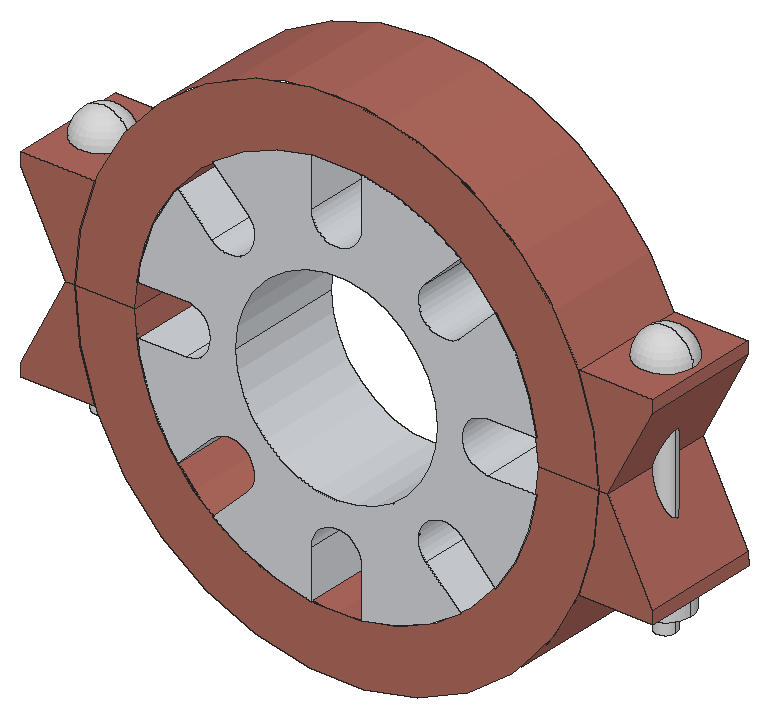
Revit family "Reduced Couplings-Zurn_Wilkins-FP23 (112x114_8x6_inch)", category Pipe Accessories, Revit 2022
Family settings
  Round Connector Dimension = Use Radius
  Part Type = Valve - Breaks Into
  OmniClass Number = 23.65.55.14.11
  OmniClass Title = Inlet/Outlet Valves for Liquid Services
  Work Plane-Based = No
  Always vertical = Yes
  Cut with Voids When Loaded = No
  Shared = No
Parameters (values of type "8X6-FP23 (8" X 6" -FP23)")
  Width = 1' - 0"
  URL = "https://www.zurn.com"
  Type Comments = ""
  SYMBOL = Reduced couplings-Zurn_Wilkins-FP23_Symbol : 8X6
  Repair Parts URL = ""
  Product data URL = "https://www.bimobject.com/en/zurnindustries/product/zurn-fp23"
  Product Weight (lbs) = 15
  Product Page URL = "https://www.zurn.com/products/fire-protection/grooved-couplings-fittings/fp23"
  Product Installation Sheet URL = "https://files.zurn.com/care-cleaning-install-warranty-sheets/isfp23.pdf"
  Product Documentation Link = "https://files.zurn.com/spec-sheets/fp23-couplings.pdf"
  Nominal Radius = Nominal Diameter / 2  # 0' - 4"
  Nominal Diameter = 0' - 8"
  Modified Date = "10/15/25"  # constant formula
  Model = "8X6-FP23"
  Max Working Water Temperature = 0 °F
  Max Working Water Pressure = 300.00 psi
  Manufacturer Brand = "Zurn Wilkins"  # constant formula
  Manufacturer = "Zurn Water, LLC"  # constant formula
  Main Material = Paint - Zurn - Ductile Iron Red
  Length = 2' - 0"
  L = 0' - 0 51/256"
  K = 0' - 0 51/128"
  J = 0' - 0 115/256"
  IN PORTION = Reduced couplings-Zurn_Wilkins-FP23_IN_(114-8_Inch) : 8 X 6
  I = 0' - 1 13/128"
  Hydrostatic Test Pressure = 0.00 psi
  Height = 1' - 0"
  H = 0' - 0 179/256"
  G = 0' - 3 1/2"
  Flow Rate (GPM) = 0 GPM
  F = 0' - 1 51/256"
  E = 0' - 8"
  Description = "REDUCING COUPLINGS"
  Default Elevation = 0' - 0"
  Date Created = "10/15/25"  # constant formula
  D = 0' - 4"
  DIM C = 0' - 2 23/64"
  DIM B = 0' - 10 25/64"
  Assembly Code = "D2020300"
  DIM A = 1' - 0 143/256"
Types (14): name | SYMBOL | Product Weight (lbs) | Nominal Radius | Nominal Diameter | Model | L | K | J | IN PORTION | I | H | G | F | E | D | DIM C | DIM B | DIM A
  (no name) | Reduced couplings-Zurn_Wilkins-FP23_Symbol : 8X6 | 15 | 0' - 4" | 0' - 8" | "8X6-FP23" | 0' - 0 51/256" | 0' - 0 51/128" | 0' - 0 115/256" | Reduced couplings-Zurn_Wilkins-FP23_IN_(114-8_Inch) : 8 X 6 | 0' - 1 13/128" | 0' - 0 179/256" | 0' - 3 1/2" | 0' - 1 51/256" | 0' - 8" | 0' - 4" | 0' - 2 23/64" | 0' - 10 25/64" | 1' - 0 143/256"
  3X212-FP23 (3" X 2 1/2" -FP23) | Reduced couplings-Zurn_Wilkins-FP23_Symbol : 3X21/2 | 3 | 0' - 1 1/2" | 0' - 3" | "3X212-FP23" | 0' - 0 51/256" | 0' - 0.25621" | 0' - 0.26941" | Reduced couplings-Zurn_Wilkins-FP23_IN_(114-8_Inch) : 3 X 2 1/2 | 0' - 0 3/4" | 0' - 0 51/128" | 0' - 1 13/128" | 0' - 0 3/4" | 0' - 3 1/2" | 0' - 1 1/2" | 0' - 1 57/64" | 0' - 4 23/32" | 0' - 6 59/128"
  112X114-FP23 (1 1/2" X 1 1/4" -FP23) | Reduced couplings-Zurn_Wilkins-FP23_Symbol : 11/2X11/4 | 1 | 0' - 0 3/4" | 0' - 1 1/2" | "112X114-FP23" | 0' - 0.13575" | 0' - 0.25621" | 0' - 0 51/256" | Reduced couplings-Zurn_Wilkins-FP23_IN_(114-8_Inch) : 1 1/2 X 1 1/4 | 0' - 0 77/128" | 0' - 0 85/256" | 0' - 0 1/2" | 0' - 0 77/128" | 0' - 2 51/256" | 0' - 0 205/256" | 0' - 1 197/256" | 0' - 2 225/256" | 0' - 4 141/256"
  2X112-FP23 (2" X 1 1/2" -FP23) | Reduced couplings-Zurn_Wilkins-FP23_Symbol : 2X11/2 | 2 | 0' - 1" | 0' - 2" | "2X112-FP23" | 0' - 0.13575" | 0' - 0.25621" | 0' - 0 51/256" | Reduced couplings-Zurn_Wilkins-FP23_IN_(114-8_Inch) : 2 X 1 1/2 | 0' - 0 77/128" | 0' - 0 85/256" | 0' - 0 77/128" | 0' - 0 77/128" | 0' - 2 1/2" | 0' - 1" | 0' - 1 109/128" | 0' - 3 45/128" | 0' - 5 5/64"
  212X112-FP23 (2 1/2" X 1 1/2" -FP23) | Reduced couplings-Zurn_Wilkins-FP23_Symbol : 21/2X1 1/2 | 3 | 0' - 1 1/4" | 0' - 2 1/2" | "212X112-FP23" | 0' - 0.13575" | 0' - 0.25621" | 0' - 0 51/256" | Reduced couplings-Zurn_Wilkins-FP23_IN_(114-8_Inch) : 2 1/2 X 1 1/2 | 0' - 0 77/128" | 0' - 0 85/256" | 0' - 0 115/128" | 0' - 0 77/128" | 0' - 3" | 0' - 1 77/256" | 0' - 1 57/64" | 0' - 3 251/256" | 0' - 5 25/64"
  4X3-FP23 (4" X 3" -FP23) | Reduced couplings-Zurn_Wilkins-FP23_Symbol : 4X3 | 4 | 0' - 2" | 0' - 4" | "4X3-FP23" | 0' - 0 51/256" | 0' - 0.25621" | 0' - 0.26941" | Reduced couplings-Zurn_Wilkins-FP23_IN_(114-8_Inch) : 4 X 3 | 0' - 0 3/4" | 0' - 0 115/256" | 0' - 1 1/2" | 0' - 0 205/256" | 0' - 4 51/256" | 0' - 2" | 0' - 1 119/128" | 0' - 5 233/256" | 0' - 7 161/256"
  8X6-FP23 (8" X 6" -FP23) | Reduced couplings-Zurn_Wilkins-FP23_Symbol : 8X6 | 15 | 0' - 4" | 0' - 8" | "8X6-FP23" | 0' - 0 51/256" | 0' - 0 51/128" | 0' - 0 115/256" | Reduced couplings-Zurn_Wilkins-FP23_IN_(114-8_Inch) : 8 X 6 | 0' - 1 13/128" | 0' - 0 179/256" | 0' - 3 1/2" | 0' - 1 51/256" | 0' - 8" | 0' - 4" | 0' - 2 23/64" | 0' - 10 25/64" | 1' - 0 143/256"
  4X212-FP23 (4" X 2 1/2" -FP23) | Reduced couplings-Zurn_Wilkins-FP23_Symbol : 4X21/2 | 4 | 0' - 2" | 0' - 4" | "4X21/2-FP23" | 0' - 0 51/256" | 0' - 0.25621" | 0' - 0.26941" | Reduced couplings-Zurn_Wilkins-FP23_IN_(114-8_Inch) : 4 X 2 1/2 | 0' - 0 3/4" | 0' - 0 115/256" | 0' - 1 1/2" | 0' - 0 205/256" | 0' - 4 51/256" | 0' - 2" | 0' - 1 119/128" | 0' - 5 233/256" | 0' - 7 161/256"
  4X2-FP23 (4" X 2" -FP23) | Reduced couplings-Zurn_Wilkins-FP23_Symbol : 4X2 | 5 | 0' - 2" | 0' - 4" | "4X2-FP23" | 0' - 0 51/256" | 0' - 0.25621" | 0' - 0.26941" | Reduced couplings-Zurn_Wilkins-FP23_IN_(114-8_Inch) : 4 X 2 | 0' - 0 3/4" | 0' - 0 115/256" | 0' - 1 1/2" | 0' - 0 205/256" | 0' - 4 51/256" | 0' - 2" | 0' - 1 119/128" | 0' - 5 233/256" | 0' - 7 161/256"
  3X2-FP23 (3" X 2" -FP23) | Reduced couplings-Zurn_Wilkins-FP23_Symbol : 3X2 | 3 | 0' - 1 1/2" | 0' - 3" | "3X2-FP23" | 0' - 0 51/256" | 0' - 0.25621" | 0' - 0.26941" | Reduced couplings-Zurn_Wilkins-FP23_IN_(114-8_Inch) : 3 X 2 | 0' - 0 3/4" | 0' - 0 51/128" | 0' - 1 13/128" | 0' - 0 3/4" | 0' - 3 1/2" | 0' - 1 1/2" | 0' - 1 57/64" | 0' - 4 23/32" | 0' - 6 59/128"
  212X2-FP23 (2 1/2" X 2" -FP23) | Reduced couplings-Zurn_Wilkins-FP23_Symbol : 21/2X2 | 2 | 0' - 1 1/4" | 0' - 2 1/2" | "212X2-FP23" | 0' - 0.13575" | 0' - 0.25621" | 0' - 0 51/256" | Reduced couplings-Zurn_Wilkins-FP23_IN_(114-8_Inch) : 2 1/2 X 2 | 0' - 0 77/128" | 0' - 0 85/256" | 0' - 0 115/128" | 0' - 0 77/128" | 0' - 3" | 0' - 1 77/256" | 0' - 1 57/64" | 0' - 3 251/256" | 0' - 5 25/64"
  3X112-FP23 (3" X 1 1/2" -FP23) | Reduced couplings-Zurn_Wilkins-FP23_Symbol : 3X11/2 | 4 | 0' - 1 1/2" | 0' - 3" | "3X112-FP23" | 0' - 0 51/256" | 0' - 0.25621" | 0' - 0.26941" | Reduced couplings-Zurn_Wilkins-FP23_IN_(114-8_Inch) : 3 X 1 1/2 | 0' - 0 3/4" | 0' - 0 51/128" | 0' - 1 13/128" | 0' - 0 3/4" | 0' - 3 1/2" | 0' - 1 1/2" | 0' - 1 57/64" | 0' - 4 23/32" | 0' - 6 59/128"
  6X4-FP23 (6" X 4" -FP23) | Reduced couplings-Zurn_Wilkins-FP23_Symbol : 6X4 | 7 | 0' - 3" | 0' - 6" | "6X4-FP23" | 0' - 0.1" | 0' - 0.25621" | 0' - 0.26941" | Reduced couplings-Zurn_Wilkins-FP23_IN_(114-8_Inch) : 6 X 4 | 0' - 0 1/2" | 0' - 0.3" | 0' - 1 1/2" | 0' - 0.6" | 0' - 6" | 0' - 2" | 0' - 1 31/32" | 0' - 7 251/256" | 0' - 9 1/4"
  6X3-FP23 (6" X 3"-FP23) | Reduced couplings-Zurn_Wilkins-FP23_Symbol : 6X3 | 8 | 0' - 3" | 0' - 6" | "6X3-FP23" | 0' - 0.1" | 0' - 0.25621" | 0' - 0.26941" | Reduced couplings-Zurn_Wilkins-FP23_IN_(114-8_Inch) : 6 X 3 | 0' - 0 1/2" | 0' - 0.3" | 0' - 1 1/2" | 0' - 0.6" | 0' - 6" | 0' - 2" | 0' - 1 31/32" | 0' - 7 251/256" | 0' - 9 1/4"
Reference planes (in)
  plane 1 "Center (Front/Back)": y = 0
  plane 2: z = 0
  plane 3 "Center (Left/Right)": x = 0
  plane 4 "Left Side Plane": x = -12
  plane 5 "Right side Plane": x = 12
  plane 6 "Back Plane": y = 6
  plane 7 "Front Plane": y = -6
  plane 8 "Top Plane": z = 6
  plane 9 "Bottom Plane": z = -6
  plane 10: y = 1.17969
  plane 11: y = -1.17969
  plane 12: x = -6.2793
  plane 13: x = 6.2793
  plane 14: z = 2
  plane 15: z = -2
  plane 16: z = 1.75
  plane 17: z = -1.75
  plane 18: x = -5.08008
  plane 19: x = 5.08008
  plane 20: x = -5.58008
  plane 21: z = -2.44922
  plane 22: z = -2.84766
  plane 23: x = -5.38086
  plane 24: x = 5.58008
  plane 25: x = 5.38086
  plane 26: y = 1.17969
  plane 27: x = 6.2793
  plane 28: y = -1.17969
  plane 29: x = -6.2793
  plane 30: x = -0.5
  plane 31: x = 0.5
  plane 32: z = 3.30078
Forms (in)
  Extrusion 1, solid, material "Paint - Zurn - Ductile Iron Red", detail levels fine
    sketch origin (0, 0.25, 0) x (1, 0, 0) y (0, 0, 1)
      loop
        line (-4, 0) -> (-5.19531, 0)
        arc (-5.19531, 0) -> (0, -5.19531) -> (5.19531, 0) r 5.19531
        line (5.19531, 0) -> (4, 0)
        arc (4, 0) -> (0, -4) -> (-4, 0) r 4
    from -0.92969 to 1.42969
  Extrusion 2, solid, material "Paint - Zurn - Ductile Iron Red", detail levels fine
    sketch origin (0, 0, 0) x (1, 0, 0) y (0, 0, 1)
      loop
        line (-5.19531, 0) -> (-4, 0)
        arc (-4, 0) -> (0, 4) -> (4, 0) r 4
        line (4, 0) -> (5.19531, 0)
        arc (5.19531, 0) -> (0, 5.19531) -> (-5.19531, 0) r 5.19531
    from -1.17969 to 1.17969
  Extrusion 3, solid, material "Paint - Zurn - Ductile Iron Red", detail levels fine
    sketch origin (0, 0, 0) x (1, 0, 0) y (0, 0, 1)
      loop
        line (-4.79492, 2) -> (-6.2793, 2) -> (-6.2793, 1.75) -> (-5.38086, 0) -> (-5.19531, 0)
        arc (-5.19531, 0) -> (-5.09423, 1.01984) -> (-4.79492, 2) r 5.19531
    from -1.17969 to 1.17969
  Extrusion 4, solid, material "Paint - Zurn - Ductile Iron Red", detail levels fine
    sketch origin (0, 0, 0) x (1, 0, 0) y (0, 0, 1)
      loop
        line (-5.38086, 0) -> (-6.2793, -1.75) -> (-6.2793, -2) -> (-4.79492, -2)
        arc (-4.79492, -2) -> (-5.09423, -1.01984) -> (-5.19531, 0) r 5.19531
        line (-5.19531, 0) -> (-5.38086, 0)
    from -1.17969 to 1.17969
  Extrusion 5, solid, material "Paint - Zurn - Ductile Iron Red", detail levels fine
    sketch origin (0, 0, 0) x (1, 0, 0) y (0, 0, 1)
      loop
        arc (4.79492, 2) -> (5.09423, 1.01984) -> (5.19531, 0) r 5.19531
        line (5.19531, 0) -> (5.38086, 0) -> (6.2793, 1.75) -> (6.2793, 2) -> (4.79492, 2)
    from -1.17969 to 1.17969
  Extrusion 6, solid, material "Paint - Zurn - Ductile Iron Red", detail levels fine
    sketch origin (0, 0, 0) x (1, 0, 0) y (0, 0, 1)
      loop
        arc (5.19531, 0) -> (5.09423, -1.01984) -> (4.79492, -2) r 5.19531
        line (4.79492, -2) -> (6.2793, -2) -> (6.2793, -1.75) -> (5.38086, 0) -> (5.19531, 0)
    from -1.17969 to 1.17969
  Revolve 7, solid, material "Paint - Zurn - Silver", detail levels fine
    sketch origin (0, 0, 0) x (1, 0, 0) y (0, 0, 1)
      loop
        line (-5.58008, 2.55078) -> (-5.58008, 2) -> (-5.0293, 2)
        arc (-5.0293, 2) -> (-5.19062, 2.38946) -> (-5.58008, 2.55078) r 0.55078
      axis (-5.58008, 2) -> (-5.58008, 2.55078)
    angle from 0 to 360
  Revolve 8, solid, material "Paint - Zurn - Silver", detail levels fine
    sketch origin (0, 0, 0) x (1, 0, 0) y (0, 0, 1)
      loop
        line (-5.58008, 2) -> (-5.58008, -2.84766) -> (-5.38086, -2.84766) -> (-5.38086, -2.44922) -> (-5.08008, -2.44922) -> (-5.08008, -2) -> (-5.38086, -2) -> (-5.38086, 2) -> (-5.58008, 2)
      axis (-5.58008, 2) -> (-5.58008, -2.84766)
    angle from 0 to 360
  Revolve 9, solid, material "Paint - Zurn - Silver", detail levels fine
    sketch origin (0, 0, 0) x (1, 0, 0) y (0, 0, 1)
      loop
        arc (6.13086, 2) -> (5.96954, 2.38946) -> (5.58008, 2.55078) r 0.55078
        line (5.58008, 2.55078) -> (5.58008, 2) -> (6.13086, 2)
      axis (5.58008, 2) -> (5.58008, 2.55078)
    angle from 0 to 360
  Revolve 10, solid, material "Paint - Zurn - Silver", detail levels fine
    sketch origin (0, 0, 0) x (1, 0, 0) y (0, 0, 1)
      loop
        line (5.58008, 2) -> (5.38086, 2) -> (5.38086, -2) -> (5.08008, -2) -> (5.08008, -2.44922) -> (5.38086, -2.44922) -> (5.38086, -2.84766) -> (5.58008, -2.84766) -> (5.58008, 2)
      axis (5.58008, -2.84766) -> (5.58008, 2)
    angle from 0 to 360
Lines and regions (in)
  Masking region 1, detail levels fine
    outline origin (0, 0, 0) x (1, 0, 0) y (0, 1, 0)
      loop
        line (-6.2793, 1.17969) -> (-6.2793, -1.17969) -> (6.2793, -1.17969) -> (6.2793, 1.17969) -> (-6.2793, 1.17969)
Dimensions and locks (in)
  equal spacing: plane 5 "Right side Plane", plane 3 "Center (Left/Right)", plane 4 "Left Side Plane"
  "Length": plane 5 "Right side Plane" to plane 4 "Left Side Plane"
  equal spacing: plane 8 "Top Plane", plane 2, plane 9 "Bottom Plane"
  "Height": plane 8 "Top Plane" to plane 9 "Bottom Plane"
  equal spacing: plane 7 "Front Plane", plane 1 "Center (Front/Back)", plane 6 "Back Plane"
  "Width": plane 7 "Front Plane" to plane 6 "Back Plane"
  equal spacing: plane 10, plane 1 "Center (Front/Back)", plane 11
  "DIM C": plane 10 to plane 11
  equal spacing: plane 13, plane 3 "Center (Left/Right)", plane 12
  "DIM A": plane 13 to plane 12
  equal spacing: plane 14, level, plane 15
  "D": plane 14 to plane 15
  equal spacing: plane 16, level, plane 17
  "G": plane 16 to plane 17
  "F": plane 18 to plane 12
  "F": plane 13 to plane 19
  "H": plane 20 to plane 12
  "J": plane 15 to plane 21
  "K": plane 21 to plane 22
  "L": plane 23 to plane 20
  "H": plane 13 to plane 24
  "L": plane 24 to plane 25
  equal spacing: plane 31, plane 3 "Center (Left/Right)", plane 30
  locked: plane 3 "Center (Left/Right)" to plane 30 at 0.5
  locked: plane 32 to level at 3.30078
  "E": diameter of Extrusion 1 sketch curve
  "E": diameter of Extrusion 2 sketch curve
  "DIM B": diameter of Extrusion 5 sketch curve
  "DIM B": diameter of Extrusion 6 sketch curve
  "I": diameter of Revolve 7 sketch curve
  "I": diameter of Revolve 9 sketch curve
  "DIM B": diameter of Extrusion 1 sketch curve
  "DIM B": diameter of Extrusion 2 sketch curve
  "DIM B": diameter of Extrusion 3 sketch curve
  aligned and locked: plane 2 to level
  aligned and locked: plane 3 "Center (Left/Right)" to Extrusion 1 sketch curve  (x2)
  aligned and locked: level to Extrusion 1 sketch curve  (x2)
  aligned and locked: Extrusion 1 sketch curve to level  (x2)
  aligned and locked: plane 3 "Center (Left/Right)" to Extrusion 2 sketch curve  (x2)
  aligned and locked: level to Extrusion 2 sketch curve  (x2)
  aligned and locked: Extrusion 2 sketch curve to level  (x2)
  aligned and locked: plane 3 "Center (Left/Right)" to Extrusion 3 sketch curve
  aligned and locked: level to Extrusion 3 sketch curve
  aligned and locked: plane 14 to Extrusion 3 sketch curve
  aligned and locked: Extrusion 3 sketch curve to plane 12
  aligned and locked: plane 12 to Extrusion 3 sketch curve
  aligned and locked: Extrusion 3 sketch curve to level
  aligned and locked: Extrusion 3 to plane 10
  aligned and locked: plane 11 to Extrusion 3
  aligned and locked: Extrusion 4 sketch curve to level
  aligned and locked: Extrusion 4 sketch curve to plane 15
  aligned and locked: plane 12 to Extrusion 4 sketch curve
  aligned and locked: plane 17 to Extrusion 4 sketch curve
  aligned and locked: Extrusion 4 to plane 10
  aligned and locked: plane 11 to Extrusion 4
  aligned and locked: plane 3 "Center (Left/Right)" to Extrusion 5 sketch curve
  aligned and locked: plane 14 to Extrusion 5 sketch curve
  aligned and locked: plane 13 to Extrusion 5 sketch curve
  aligned and locked: Extrusion 5 sketch curve to plane 13
  aligned and locked: plane 11 to Extrusion 5
  aligned and locked: Extrusion 5 to plane 10
  aligned and locked: plane 3 "Center (Left/Right)" to Extrusion 6 sketch curve
  aligned and locked: level to Extrusion 6 sketch curve
  aligned and locked: Extrusion 6 sketch curve to level
  aligned and locked: plane 13 to Extrusion 6 sketch curve
  aligned and locked: Extrusion 6 sketch curve to plane 15
  aligned and locked: Extrusion 6 sketch curve to plane 17
  aligned and locked: plane 11 to Extrusion 6
  aligned and locked: Extrusion 6 to plane 10
  aligned and locked: plane 14 to Revolve 7 sketch curve  (x2)
  aligned and locked: plane 20 to Revolve 7 sketch curve  (x2)
  aligned and locked: Revolve 7 sketch curve to plane 20
  aligned and locked: Revolve 8 sketch curve to plane 20  (x2)
  aligned and locked: plane 14 to Revolve 8 sketch curve
  aligned and locked: Revolve 8 sketch curve to plane 23  (x2)
  aligned and locked: plane 15 to Revolve 8 sketch curve
  aligned and locked: Revolve 8 sketch curve to plane 18
  aligned and locked: Revolve 8 sketch curve to plane 21
  aligned and locked: Revolve 8 sketch curve to plane 22
  aligned and locked: plane 24 to Revolve 9 sketch curve  (x2)
  aligned and locked: Revolve 9 sketch curve to plane 14
  aligned and locked: Revolve 9 sketch curve to plane 24
  aligned and locked: plane 14 to Revolve 9 sketch curve
  aligned and locked: Revolve 10 sketch curve to plane 14
  aligned and locked: Revolve 10 sketch curve to plane 24  (x2)
  aligned and locked: Revolve 10 sketch curve to plane 15
  aligned and locked: plane 19 to Revolve 10 sketch curve
  aligned and locked: Revolve 10 sketch curve to plane 25  (x2)
  aligned and locked: plane 22 to Revolve 10 sketch curve
  aligned and locked: plane 25 to Revolve 10 sketch curve
  aligned and locked: plane 21 to Revolve 10 sketch curve
  aligned and locked: plane 29 to Masking region 1 sketch curve  (x2)
  aligned and locked: Masking region 1 sketch curve to plane 26
  aligned and locked: plane 28 to Masking region 1 sketch curve  (x2)
  aligned and locked: plane 27 to Masking region 1 sketch curve  (x2)
  aligned and locked: plane 26 to Masking region 1 sketch curve
  aligned and locked: plane 3 "Center (Left/Right)" to nested 1
  aligned and locked: plane 3 "Center (Left/Right)" to nested 2
  aligned and locked: plane 1 "Center (Front/Back)" to nested 2
  aligned and locked: plane 26 to plane 10
  aligned and locked: plane 28 to plane 11
  aligned and locked: plane 12 to plane 29
  aligned and locked: plane 13 to plane 27
  aligned and locked: Extrusion 1 to plane 11
  aligned and locked: Extrusion 1 to plane 10
  aligned and locked: Extrusion 1 to Extrusion 2
  aligned and locked: Extrusion 2 to Extrusion 1
  aligned and locked: Extrusion 4 sketch curve to Extrusion 3
  aligned and locked: plane 25 to Extrusion 6 sketch curve
  aligned and locked: Extrusion 6 to Extrusion 5 sketch curve
Automatic sketch dimensions
  Revolve 7 sketch curve to plane 14 = 0' - 0"
  Revolve 7 sketch curve to Revolve 7 sketch curve = 0' - 0.14778"
  Revolve 8 sketch curve to plane 14 = 0' - 0"
  Revolve 8 sketch curve to plane 22 = 0' - 0"
  Revolve 9 sketch curve to plane 14 = 0' - 0"
  Revolve 9 sketch curve to Revolve 9 sketch curve = 0' - 0.0329"
  Revolve 10 sketch curve to plane 15 = 0' - 0"
  Revolve 10 sketch curve to Revolve 10 sketch curve = 0' - 0.31856"
  Extrusion 4 sketch curve to plane 23 = 0' - 0"
  Extrusion 3 sketch curve to plane 23 = 0' - 0"
  Extrusion 3 sketch curve to plane 16 = 0' - 0"
  Extrusion 5 sketch curve to level = 0' - 0"
  Extrusion 5 sketch curve to plane 16 = 0' - 0"
Nested families (in)
  nested 1: "Reduced couplings-Zurn_Wilkins-FP23_IN_(114-8_Inch)" at (0, 0, 0), type <- "IN PORTION", type "8 X 6", detail levels fine
    with Product Install & Maintenance Sheet URL ""
  nested 2: "Reduced couplings-Zurn_Wilkins-FP23_Symbol" at (0, 0, 0), type <- "SYMBOL", DIM A <- "DIM A", type "8X6"
    with Product Install & Maintenance Sheet URL "", DIM A 1' - 0 143/256"
Connectors (in)
  piping at (0, 1.17969, 0), diameter 8, driven by "Nominal Radius"
    settings: on Extrusion 2, index 1, connector inside diameter 24", connector length 0' - 0", flow factor 0, pipe flow 0 GPM, pressure drop 0.00 psi, fitting loss kfactor 0, connector angle 0.00°, fixture units 0, engagement length 0' - 0", angle of deflection 0.00°, flow configuration 2, flow direction 1, fitting loss method 0, system type 29, joint type 0, gender type 0, connector reference index 2, connector utility 0, adjustable connector no, is connector primary yes, connector description "INLET"
  piping at (0, -1.17969, 0), diameter 8, driven by "Nominal Radius"
    settings: on Extrusion 2, index 2, connector inside diameter 24", connector length 0' - 0", flow factor 0, pipe flow 0 GPM, pressure drop 0.00 psi, fitting loss kfactor 0, connector angle 0.00°, fixture units 0, engagement length 0' - 0", angle of deflection 0.00°, flow configuration 2, flow direction 2, fitting loss method 0, system type 29, joint type 0, gender type 0, connector reference index 1, connector utility 0, adjustable connector no, is connector primary no, connector description "OUTLET"
Definition of nested family "Reduced couplings-Zurn_Wilkins-FP23_IN_(114-8_Inch)"
  Parameters (values of type "1 1/2 X 1 1/4")
    Width = 1' - 0"
    Weight = ""
    URL = "www.zurn.com/"
    Standards Compliance = ""
    Specification Sheet URL = ""
    Repair Parts URL = ""
    Rated Flow = 0 GPM
    Product Page URL = ""
    Product Install & Maintenance Sheet URL [instance] = ""
    Pressure Loss at Rated Flow = 0.00 psi
    O = 0' - 0 205/256"
    Nominal Radius = 0' - 0"
    Nominal Diameter = 0' - 0"
    N = 0' - 0 51/256"
    Max Working Water Temperature = 0 °F
    Max Working Water Pressure = 0.00 psi
    Manufacturer = "Zurn Wilkins"
    M = 0' - 0 115/128"
    Length = 2' - 0"
    Hydrostatic Test Pressure = 0.00 psi
    Height = 1' - 0"
    Flow = ""
    E = 0' - 2 51/256"
    Default Elevation = 0' - 0"
    C = 0' - 1 197/256"
  Types (10): name | O | N | M | E | C
    6 X 4 | 0' - 2 77/256" | 0' - 0 51/128" | 0' - 3" | 0' - 6" | 0' - 1 31/32"
    8 X 6 | 0' - 3" | 0' - 0 1/2" | 0' - 4" | 0' - 8" | 0' - 2 23/64"
    4 X 3 | 0' - 1 179/256" | 0' - 0 77/256" | 0' - 2" | 0' - 4 51/256" | 0' - 1 119/128"
    4 X 2 1/2 | 0' - 1 1/2" | 0' - 0 1/4" | 0' - 2" | 0' - 4 51/256" | 0' - 1 119/128"
    4 X 2 | 0' - 1 1/2" | 0' - 0 1/4" | 0' - 1 205/256" | 0' - 4 51/256" | 0' - 1 119/128"
    3 X 2 1/2 | 0' - 1 77/256" | 0' - 0 1/4" | 0' - 1 205/256" | 0' - 3 1/2" | 0' - 1 57/64"
    3 X 2 | 0' - 1 51/256" | 0' - 0 51/256" | 0' - 1 1/2" | 0' - 3 1/2" | 0' - 1 57/64"
    2 1/2 X 2 | 0' - 1 13/128" | 0' - 0 51/256" | 0' - 1 1/2" | 0' - 3" | 0' - 1 57/64"
    2 X 1 1/2 | 0' - 1" | 0' - 0 51/256" | 0' - 1 77/256" | 0' - 2 1/2" | 0' - 1 109/128"
    1 1/2 X 1 1/4 | 0' - 0 205/256" | 0' - 0 51/256" | 0' - 0 115/128" | 0' - 2 51/256" | 0' - 1 197/256"
  Reference planes (in)
    plane 1 "Center (Front/Back)": y = 0
    plane 2: z = 0
    plane 3 "Center (Left/Right)": x = 0
    plane 4 "Left Side Plane": x = -12
    plane 5 "Right side Plane": x = 12
    plane 6 "Back Plane": y = 6
    plane 7 "Front Plane": y = -6
    plane 8 "Top Plane": z = 6
    plane 9 "Bottom Plane": z = -6
    plane 10: y = 0.88477
    plane 11: y = -0.88477
    plane 12: x = -0.19922
    plane 13: x = 0.19922
    plane 14: z = 0.80078
    plane 15: z = -0.80078
    plane 16: z = 0.19922
    plane 17: z = -0.19922
    plane 18: x = -0.80078
    plane 19: x = 0.80078
    plane 20: through (0.00103, -180, -0.00102) normal (-0.7071, 0, -0.7071)
    plane 21: through (-1.0485, -180, 2.18099) normal (0.7071, 0, 0.7071)
    plane 22: through (-0.00484, -180, -0.00484) normal (-0.7071, 0, 0.7071)
    plane 23: through (3.92969, -180, 4.21142) normal (0.7071, 0, -0.7071)
    plane 24: through (1.83996, -180, 1.55822) normal (-0.7071, 0, 0.7071)
    plane 25: through (-1.12313, -180, -0.00933) normal (0.7071, 0, 0.7071)
    plane 26: through (-3.32543, -180, 3.0437) normal (0.7071, 0, 0.7071)
    plane 27: through (-3.04369, -180, 3.32544) normal (0.7071, 0, 0.7071)
    plane 28: through (-1.76064, -180, -0.62816) normal (-0.7071, 0, 0.7071)
    plane 29: through (1.27335, -180, 0.14087) normal (0.7071, 0, -0.7071)
  Forms (in)
    Extrusion 1, solid
      sketch origin (0, 0, 0) x (1, 0, 0) y (0, 0, 1)
        loop
          circle (0, 0) r 1.09961
        loop
          circle (0, 0) r 0.44922
      from -0.88477 to 0.88477
    Extrusion 2, void
      sketch origin (0, 0, 0) x (1, 0, 0) y (0, 0, 1)
        loop
          arc (-0.19922, 0.80078) -> (0, 0.60156) -> (0.19922, 0.80078) r 0.19922
          line (0.19922, 0.80078) -> (0.19922, 1.08141)
          arc (0.19922, 1.08141) -> (0, 1.09961) -> (-0.19922, 1.08141) r 1.09961
          line (-0.19922, 1.08141) -> (-0.19922, 0.80078)
      from -0.88477 to 0.88477
    Extrusion 3, void
      sketch origin (0, 0, 0) x (1, 0, 0) y (0, 0, 1)
        loop
          line (-0.19922, -0.80078) -> (-0.19922, -1.08141)
          arc (-0.19922, -1.08141) -> (0, -1.09961) -> (0.19922, -1.08141) r 1.09961
          line (0.19922, -1.08141) -> (0.19922, -0.80078)
          arc (0.19922, -0.80078) -> (0, -0.60156) -> (-0.19922, -0.80078) r 0.19922
      from -0.88477 to 0.88477
    Extrusion 4, void
      sketch origin (0, 0, 0) x (1, 0, 0) y (0, 0, 1)
        loop
          line (-0.80078, 0.19922) -> (-1.08141, 0.19922)
          arc (-1.08141, 0.19922) -> (-1.09961, 0) -> (-1.08141, -0.19922) r 1.09961
          line (-1.08141, -0.19922) -> (-0.80078, -0.19922)
          arc (-0.80078, -0.19922) -> (-0.60156, 0) -> (-0.80078, 0.19922) r 0.19922
      from -0.88477 to 0.88477
    Extrusion 5, void
      sketch origin (0, 0, 0) x (1, 0, 0) y (0, 0, 1)
        loop
          arc (0.80078, 0.19922) -> (0.60156, 0) -> (0.80078, -0.19922) r 0.19922
          line (0.80078, -0.19922) -> (1.08141, -0.19922)
          arc (1.08141, -0.19922) -> (1.09961, 0) -> (1.08141, 0.19922) r 1.09961
          line (1.08141, 0.19922) -> (0.80078, 0.19922)
      from -0.88477 to 0.88477
    Extrusion 6, void
      sketch origin (0, 0, 0) x (1, 0, 0) y (0, 0, 1)
        loop
          arc (0.42537, 0.70711) -> (0.42537, 0.42537) -> (0.70711, 0.42537) r 0.19922
          line (0.70711, 0.42537) -> (0.90554, 0.62381)
          arc (0.90554, 0.62381) -> (0.77754, 0.77754) -> (0.6238, 0.90554) r 1.09961
          line (0.6238, 0.90554) -> (0.42537, 0.70711)
      from -0.88477 to 0.88477
    Extrusion 7, void
      sketch origin (0, 0, 0) x (1, 0, 0) y (0, 0, 1)
        loop
          line (-0.7071, -0.42536) -> (-0.90554, -0.6238)
          arc (-0.90554, -0.6238) -> (-0.77754, -0.77754) -> (-0.62381, -0.90554) r 1.09961
          line (-0.62381, -0.90554) -> (-0.42536, -0.7071)
          arc (-0.42536, -0.7071) -> (-0.42536, -0.42536) -> (-0.7071, -0.42536) r 0.19922
      from -0.88477 to 0.88477
    Extrusion 8, void
      sketch origin (0, 0, 0) x (1, 0, 0) y (0, 0, 1)
        loop
          arc (-0.7071, 0.42537) -> (-0.42536, 0.42537) -> (-0.42536, 0.70711) r 0.19922
          line (-0.42536, 0.70711) -> (-0.6238, 0.90555)
          arc (-0.6238, 0.90555) -> (-0.77754, 0.77755) -> (-0.90554, 0.62381) r 1.09961
          line (-0.90554, 0.62381) -> (-0.7071, 0.42537)
      from -0.88477 to 0.88477
    Extrusion 9, void
      sketch origin (0, 0, 0) x (1, 0, 0) y (0, 0, 1)
        loop
          arc (0.70711, -0.42536) -> (0.42537, -0.42536) -> (0.42537, -0.7071) r 0.19922
          line (0.42537, -0.7071) -> (0.62381, -0.90554)
          arc (0.62381, -0.90554) -> (0.77755, -0.77754) -> (0.90555, -0.6238) r 1.09961
          line (0.90555, -0.6238) -> (0.70711, -0.42536)
      from -0.88477 to 0.88477
  Cuts and joins
    Extrusion 2, Extrusion 3, Extrusion 4, Extrusion 5, Extrusion 6, Extrusion 7, Extrusion 8, Extrusion 9 cuts Extrusion 1
  Dimensions and locks (in)
    equal spacing: plane 5 "Right side Plane", plane 3 "Center (Left/Right)", plane 4 "Left Side Plane"
    "Length": plane 5 "Right side Plane" to plane 4 "Left Side Plane"
    equal spacing: plane 8 "Top Plane", plane 2, plane 9 "Bottom Plane"
    "Height": plane 8 "Top Plane" to plane 9 "Bottom Plane"
    equal spacing: plane 7 "Front Plane", plane 1 "Center (Front/Back)", plane 6 "Back Plane"
    "Width": plane 7 "Front Plane" to plane 6 "Back Plane"
    equal spacing: plane 10, plane 1 "Center (Front/Back)", plane 11
    "C": plane 10 to plane 11
    equal spacing: plane 13, plane 3 "Center (Left/Right)", plane 12
    equal spacing: plane 14, level, plane 15
    "O": plane 14 to level
    "N": plane 3 "Center (Left/Right)" to plane 12
    equal spacing: plane 16, level, plane 17
    "N": level to plane 17
    equal spacing: plane 19, plane 3 "Center (Left/Right)", plane 18
    "O": plane 3 "Center (Left/Right)" to plane 18
    locked: plane 22 to plane 5 "Right side Plane" at 8.4882
    equal spacing: plane 24, plane 22, plane 23
    "O": plane 21 to plane 20
    "N": plane 22 to plane 23
    "O": plane 25 to plane 20
    locked: plane 4 "Left Side Plane" to plane 20 at 8.48515
    equal spacing: plane 27, plane 20, plane 26
    "O": plane 28 to plane 22
    "N": plane 20 to plane 26
    "O": plane 29 to plane 22
    "E": diameter of Extrusion 1 sketch curve
    "M": diameter of Extrusion 1 sketch curve
    "E": diameter of Extrusion 2 sketch curve
    "E": diameter of Extrusion 3 sketch curve
    "E": diameter of Extrusion 4 sketch curve
    "E": diameter of Extrusion 5 sketch curve
    "E": diameter of Extrusion 6 sketch curve
    "E": diameter of Extrusion 7 sketch curve
    "E": diameter of Extrusion 8 sketch curve
    "E": diameter of Extrusion 9 sketch curve
    locked: plane 20 to level (angle 45.00°)
    locked: level to plane 22 (angle 45.00°)
    locked: plane 21 to plane 22 (angle 90.00°)
    locked: plane 22 to plane 25 (angle 90.00°)
    aligned and locked: plane 2 to level
    aligned and locked: plane 3 "Center (Left/Right)" to Extrusion 1 sketch curve  (x2)
    aligned and locked: level to Extrusion 1 sketch curve  (x2)
    aligned and locked: Extrusion 1 to plane 10
    aligned and locked: plane 11 to Extrusion 1
    aligned and locked: plane 12 to Extrusion 2 sketch curve
    aligned and locked: plane 13 to Extrusion 2 sketch curve
    aligned and locked: plane 3 "Center (Left/Right)" to Extrusion 2 sketch curve
    aligned and locked: level to Extrusion 2 sketch curve
    aligned and locked: Extrusion 2 to Extrusion 1
    aligned and locked: Extrusion 1 to Extrusion 2
    aligned and locked: Extrusion 3 sketch curve to plane 12
    aligned and locked: Extrusion 3 sketch curve to plane 13
    aligned and locked: plane 3 "Center (Left/Right)" to Extrusion 3 sketch curve
    aligned and locked: level to Extrusion 3 sketch curve
    aligned and locked: Extrusion 1 to Extrusion 3
    aligned and locked: Extrusion 3 to Extrusion 1
    aligned and locked: plane 17 to Extrusion 4 sketch curve
    aligned and locked: plane 16 to Extrusion 4 sketch curve
    aligned and locked: plane 3 "Center (Left/Right)" to Extrusion 4 sketch curve
    aligned and locked: level to Extrusion 4 sketch curve
    aligned and locked: Extrusion 1 to Extrusion 4  (x2)
    aligned and locked: Extrusion 4 to Extrusion 2
    aligned and locked: Extrusion 5 sketch curve to plane 16
    aligned and locked: Extrusion 5 sketch curve to plane 17
    aligned and locked: level to Extrusion 5 sketch curve
    aligned and locked: plane 3 "Center (Left/Right)" to Extrusion 5 sketch curve
    aligned and locked: Extrusion 1 to Extrusion 5  (x2)
    aligned and locked: plane 23 to Extrusion 6 sketch curve
    aligned and locked: Extrusion 6 sketch curve to plane 24
    aligned and locked: plane 3 "Center (Left/Right)" to Extrusion 6 sketch curve
    aligned and locked: level to Extrusion 6 sketch curve
    aligned and locked: Extrusion 1 to Extrusion 6  (x2)
    aligned and locked: plane 3 "Center (Left/Right)" to Extrusion 7 sketch curve
    aligned and locked: level to Extrusion 7 sketch curve
    aligned and locked: Extrusion 7 sketch curve to plane 23
    aligned and locked: plane 24 to Extrusion 7 sketch curve
    aligned and locked: Extrusion 1 to Extrusion 7  (x2)
    aligned and locked: plane 26 to Extrusion 8 sketch curve
    aligned and locked: plane 27 to Extrusion 8 sketch curve
    aligned and locked: plane 3 "Center (Left/Right)" to Extrusion 8 sketch curve
    aligned and locked: level to Extrusion 8 sketch curve
    aligned and locked: Extrusion 1 to Extrusion 8  (x2)
    aligned and locked: Extrusion 9 sketch curve to plane 26
    aligned and locked: Extrusion 9 sketch curve to plane 27
    aligned and locked: plane 3 "Center (Left/Right)" to Extrusion 9 sketch curve
    aligned and locked: level to Extrusion 9 sketch curve
    aligned and locked: Extrusion 1 to Extrusion 9  (x2)
  Automatic sketch dimensions
    Extrusion 2 sketch curve to plane 14 = 0' - 0"
    Extrusion 3 sketch curve to plane 15 = 0' - 0"
    Extrusion 4 sketch curve to plane 18 = 0' - 0"
    Extrusion 5 sketch curve to plane 19 = 0' - 0"
    Extrusion 6 sketch curve to plane 21 = 0' - 0"  (x3)
    Extrusion 7 sketch curve to plane 25 = 0' - 0"  (x3)
    plane 28 to Extrusion 8 sketch curve = 0' - 0"  (x3)
    Extrusion 9 sketch curve to plane 29 = 0' - 0"  (x3)
Definition of nested family "Reduced couplings-Zurn_Wilkins-FP23_Symbol"
  Parameters (values of type "8X6")
    Width = 1' - 0"
    Weight = ""
    URL = "www.zurn.com/"
    Standards Compliance = ""
    Specification Sheet URL = ""
    Repair Parts URL = ""
    Rated Flow = 0 GPM
    Product Page URL = ""
    Product Install & Maintenance Sheet URL [instance] = ""
    Pressure Loss at Rated Flow = 0.00 psi
    Nominal Radius = 0' - 0"
    Nominal Diameter = 0' - 0"
    Max Working Water Temperature = 0 °F
    Max Working Water Pressure = 0.00 psi
    Manufacturer = "Zurn Wilkins"
    Length = 2' - 0"
    Hydrostatic Test Pressure = 0.00 psi
    Height = 1' - 0"
    Flow = ""
    Default Elevation = 0' - 0"
    DIM A [instance] = 0' - 4"
    C = 0' - 2 23/64"
    A = 1' - 0 41/128"
  Types (11): name | C | A
    2X11/2 | 0' - 1 109/128" | 0' - 5 5/64"
    11/2X11/4 | 0' - 1 197/256" | 0' - 4 141/256"
    3X2 | 0' - 1 57/64" | 0' - 6 59/128"
    4X2 | 0' - 1 119/128" | 0' - 7 87/128"
    4X3 | 0' - 1 119/128" | 0' - 7 87/128"
    6X4 | 0' - 1 31/32" | 0' - 9 1/4"
    8X6 | 0' - 2 23/64" | 1' - 0 41/128"
    4X21/2 | 0' - 1 119/128" | 0' - 7 87/128"
    3X21/2 | 0' - 1 57/64" | 0' - 6 59/128"
    21/2X2 | 0' - 1 57/64" | 0' - 5 25/64"
    6X3 | 0' - 1 31/32" | 0' - 9 1/4"
  Reference planes (in)
    plane 1 "Center (Front/Back)": y = 0
    plane 2: z = 0
    plane 3 "Center (Left/Right)": x = 0
    plane 4 "Left Side Plane": x = -12
    plane 5 "Right side Plane": x = 12
    plane 6 "Back Plane": y = 6
    plane 7 "Front Plane": y = -6
    plane 8 "Top Plane": z = 6
    plane 9 "Bottom Plane": z = -6
    plane 10: y = 1.17969
    plane 11: y = -1.17969
    plane 12: x = -6.16016
    plane 13: x = 6.16016
    plane 14: z = 0.5
    plane 15: z = -0.5
  Lines and regions (in)
    symbolic lines, detail levels coarse+medium
      curve 1: line (0, 1.17969, 0) -> (0, -1.17969, 0)
      curve 2: line (0, 0, 0.5) -> (0, 0, -0.5)
      curve 3: line (0, 0, 0.5) -> (0, 0, -0.5)
      curve 6: line (2, 0, 0) -> (-2, 0, 0)
    model lines, detail levels coarse+medium
      curve 4: line (0, 1.17969, 0) -> (0, -1.17969, 0)
      curve 5: line (-6.16016, 0, 0) -> (6.16016, 0, 0)
  Dimensions and locks (in)
    equal spacing: plane 5 "Right side Plane", plane 3 "Center (Left/Right)", plane 4 "Left Side Plane"
    "Length": plane 5 "Right side Plane" to plane 4 "Left Side Plane"
    equal spacing: plane 8 "Top Plane", plane 2, plane 9 "Bottom Plane"
    "Height": plane 8 "Top Plane" to plane 9 "Bottom Plane"
    equal spacing: plane 7 "Front Plane", plane 1 "Center (Front/Back)", plane 6 "Back Plane"
    "Width": plane 7 "Front Plane" to plane 6 "Back Plane"
    equal spacing: plane 12, plane 3 "Center (Left/Right)", plane 13  (x2)
    equal spacing: plane 10, plane 1 "Center (Front/Back)", plane 11
    "A": plane 12 to plane 13
    "C": plane 10 to plane 11
    equal spacing: plane 14, level, plane 15
    locked: plane 14 to level at 0.5
    equal spacing: curve 6, plane 3 "Center (Left/Right)", curve 6
    "DIM A": curve 6 to curve 6
    aligned and locked: plane 2 to level
    aligned and locked: curve 1 to level
    aligned and locked: plane 10 to curve 1
    aligned and locked: plane 11 to curve 1
    aligned and locked: curve 3 to plane 3 "Center (Left/Right)"
    aligned and locked: curve 4 to plane 3 "Center (Left/Right)"
    aligned and locked: plane 1 "Center (Front/Back)" to curve 5
    aligned and locked: plane 10 to curve 4
    aligned and locked: plane 11 to curve 4
    aligned and locked: plane 13 to curve 5
    aligned and locked: plane 12 to curve 5
    aligned and locked: curve 2 to plane 1 "Center (Front/Back)"
    aligned and locked: plane 14 to curve 2
    aligned and locked: plane 15 to curve 2
    aligned and locked: plane 14 to curve 3
    aligned and locked: plane 15 to curve 3
    aligned and locked: level to curve 6
